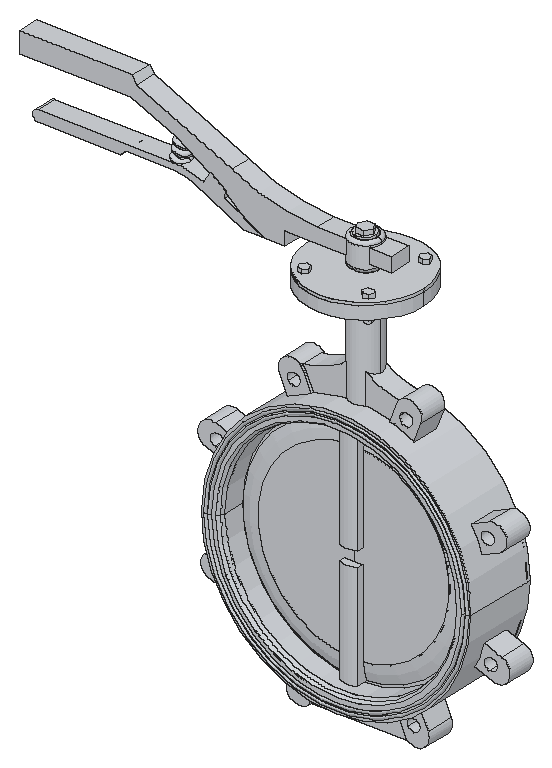
Revit family "R59FLX012", category Plumbing Fixtures, Revit 2015
Reference planes
  plane 1 "Center (Front/Back)": y = 0
  plane 2: z = 0
  plane 3 "Center (Left/Right)": x = 0
  plane 4: z = 191
  plane 5: x = -260
  plane 6: z = 268
  plane 7: z = -120
  plane 8: z = -30
  plane 9: z = 221
  plane 10: y = -27.988
  plane 11: y = 28.012
Forms (mm)
  Extrusion 1, solid
    sketch origin (0, 0, 181) x (1, 0, 0) y (0, 1, 0)
      loop
        circle (0, 0) r 45
    from 0 to 10
  Extrusion 2, solid
    sketch origin (0, 45.948, -89.573) x (1, 0, 0) y (0, 0, 1)
      loop
        arc (-96.679, 319.319) -> (-132.67, 336.792) -> (-169.654, 352.049) r 659.286
        line (-169.654, 352.049) -> (-172.843, 357.573) -> (-260, 357.573) -> (-260, 341.853) -> (-174.471, 341.853)
        arc (-174.471, 341.853) -> (-122.152, 316.93) -> (-77.024, 280.573) r 248.649
        line (-77.024, 280.573) -> (-55.568, 280.573) -> (-55.568, 291.199) -> (26.878, 291.199) -> (26.878, 302.179) -> (-30.767, 302.179)
        arc (-30.767, 302.179) -> (-64.704, 306.978) -> (-96.679, 319.319) r 150.722
    from 37.966 to 54.11
  Extrusion 3, solid
    sketch origin (-37.783, 45.948, -159.087) x (1, 0, 0) y (0, 0, 1)
      loop
        line (-98.516, 377.301) -> (-208.006, 377.301)
        arc (-208.006, 377.301) -> (-212.274, 373.033) -> (-208.006, 368.766) r 4.268
        line (-208.006, 368.766) -> (-144.475, 368.766) -> (-140.939, 372.301) -> (-103.305, 372.301)
        arc (-103.305, 372.301) -> (-95.507, 371.471) -> (-88.058, 369.019) r 37.057
        arc (-88.058, 369.019) -> (-68.407, 360.05) -> (-49.241, 350.087) r 421.945
        line (-49.241, 350.087) -> (-34.866, 350.087)
        arc (-34.866, 350.087) -> (-48.985, 359.43) -> (-64, 367.252) r 162.429
        line (-64, 367.252) -> (-63.437, 371.843) -> (-74.98, 380.231) -> (-80.609, 372.485)
        arc (-80.609, 372.485) -> (-89.36, 375.646) -> (-98.516, 377.301) r 55.494
    from 37.966 to 54.11
  Extrusion 4, solid
    sketch origin (0, 0, -76.95) x (1, 0, 0) y (0, 1, 0)
      loop
        circle (0, 0) r 12
    from 173.526 to 257.95
  Revolve 5, solid
    sketch origin (0, 0, 0) x (0, 1, 0) y (0, 0, 1)
      loop
        line (11.11, 0) -> (-11.11, 0) -> (-11.11, -73.825)
        arc (-11.11, -73.825) -> (-10.271, -80.984) -> (-8, -87.825) r 35.428
        line (-8, -87.825) -> (-6, -87.825) -> (-6, -90.825) -> (6, -90.825) -> (6, -87.825) -> (8, -87.825)
        arc (8, -87.825) -> (10.271, -80.984) -> (11.11, -73.825) r 35.428
        line (11.11, -73.825) -> (11.11, 0)
      axis (11.11, 0) -> (-11.11, 0)
    angle from 0 to 360
  Blend 6, solid
    base sketch origin (0, 0, -4.163) x (1, 0, 0) y (0, 1, 0)
      loop
        line (-6.883, 16.4) -> (-6.883, -16.4)
        arc (-6.883, -16.4) -> (0, -18.078) -> (6.883, -16.4) r 14.953
        line (6.883, -16.4) -> (6.883, 16.4)
        arc (6.883, 16.4) -> (0, 18.078) -> (-6.883, 16.4) r 14.953
    top sketch origin (0, 0, 0) x (1, 0, 0) y (0, 1, 0)
      loop
        line (-6.883, 16.4) -> (-6.883, -16.4)
        arc (-6.883, -16.4) -> (0, -18.078) -> (6.883, -16.4) r 14.953
        line (6.883, -16.4) -> (6.883, 16.4)
        arc (6.883, 16.4) -> (0, 18.078) -> (-6.883, 16.4) r 14.953
    from 10.163 to 87.771
  Blend 7, solid
    base sketch origin (0, 0, -38.601) x (0, -1, 0) y (1, 0, 0)
      loop
        line (-16.4, -6.883) -> (16.4, -6.883)
        arc (16.4, -6.883) -> (18.078, 0) -> (16.4, 6.883) r 14.953
        line (16.4, 6.883) -> (-16.4, 6.883)
        arc (-16.4, 6.883) -> (-18.078, 0) -> (-16.4, -6.883) r 14.953
    top sketch origin (0, 0, -35.117) x (0, -1, 0) y (1, 0, 0)
      loop
        line (-16.4, -6.883) -> (16.4, -6.883)
        arc (16.4, -6.883) -> (18.078, 0) -> (16.4, 6.883) r 14.953
        line (16.4, 6.883) -> (-16.4, 6.883)
        arc (-16.4, 6.883) -> (-18.078, 0) -> (-16.4, -6.883) r 14.953
    from -49.201 to 29.117
  Extrusion 8, solid
    sketch origin (-17.499, 0, 36.545) x (0.99863, 0, -0.052336) y (0.052336, 0, 0.99863)
      loop
        line (-18.251, 60.114) -> (-25.459, 74.264)
        arc (-25.459, 74.264) -> (-38.908, 78.635) -> (-43.28, 65.186) r 10
        line (-43.28, 65.186) -> (-36.072, 51.036) -> (-18.251, 60.114)
      loop
        circle (-32.1, 65.269) r 5
    from -10.546 to 10.991
  Extrusion 9, solid
    sketch origin (13.467, 0, 38.215) x (0.669131, 0, -0.743145) y (0.743145, 0, 0.669131)
      loop
        line (-18.251, 60.114) -> (-25.459, 74.264)
        arc (-25.459, 74.264) -> (-38.908, 78.635) -> (-43.28, 65.186) r 10
        line (-43.28, 65.186) -> (-36.072, 51.036) -> (-18.251, 60.114)
      loop
        circle (-32.1, 65.269) r 5
    from -10.546 to 10.991
  Extrusion 10, solid
    sketch origin (36.545, 0, 17.499) x (-0.052336, 0, -0.99863) y (0.99863, 0, -0.052336)
      loop
        line (-18.251, 60.114) -> (-25.459, 74.264)
        arc (-25.459, 74.264) -> (-38.908, 78.635) -> (-43.28, 65.186) r 10
        line (-43.28, 65.186) -> (-36.072, 51.036) -> (-18.251, 60.114)
      loop
        circle (-32.1, 65.269) r 5
    from -10.546 to 10.991
  Extrusion 11, solid
    sketch origin (38.215, 0, -13.467) x (-0.743145, 0, -0.669131) y (0.669131, 0, -0.743145)
      loop
        line (-18.251, 60.114) -> (-25.459, 74.264)
        arc (-25.459, 74.264) -> (-38.908, 78.635) -> (-43.28, 65.186) r 10
        line (-43.28, 65.186) -> (-36.072, 51.036) -> (-18.251, 60.114)
      loop
        circle (-32.1, 65.269) r 5
    from -10.546 to 10.991
  Extrusion 12, solid
    sketch origin (17.499, 0, -36.545) x (-0.99863, 0, 0.052336) y (-0.052336, 0, -0.99863)
      loop
        line (-18.251, 60.114) -> (-25.459, 74.264)
        arc (-25.459, 74.264) -> (-38.908, 78.635) -> (-43.28, 65.186) r 10
        line (-43.28, 65.186) -> (-36.072, 51.036) -> (-18.251, 60.114)
      loop
        circle (-32.1, 65.269) r 5
    from -10.546 to 10.991
  Extrusion 13, solid
    sketch origin (-13.467, 0, -38.215) x (-0.669131, 0, 0.743145) y (-0.743145, 0, -0.669131)
      loop
        line (-18.251, 60.114) -> (-25.459, 74.264)
        arc (-25.459, 74.264) -> (-38.908, 78.635) -> (-43.28, 65.186) r 10
        line (-43.28, 65.186) -> (-36.072, 51.036) -> (-18.251, 60.114)
      loop
        circle (-32.1, 65.269) r 5
    from -10.546 to 10.991
  Extrusion 14, solid
    sketch origin (-36.545, 0, -17.499) x (0.052336, 0, 0.99863) y (-0.99863, 0, 0.052336)
      loop
        line (-18.251, 60.114) -> (-25.459, 74.264)
        arc (-25.459, 74.264) -> (-38.908, 78.635) -> (-43.28, 65.186) r 10
        line (-43.28, 65.186) -> (-36.072, 51.036) -> (-18.251, 60.114)
      loop
        circle (-32.1, 65.269) r 5
    from -10.546 to 10.991
  Extrusion 15, solid
    sketch origin (-38.215, 0, 13.467) x (0.743145, 0, 0.669131) y (-0.669131, 0, 0.743145)
      loop
        line (-18.251, 60.114) -> (-25.459, 74.264)
        arc (-25.459, 74.264) -> (-38.908, 78.635) -> (-43.28, 65.186) r 10
        line (-43.28, 65.186) -> (-36.072, 51.036) -> (-18.251, 60.114)
      loop
        circle (-32.1, 65.269) r 5
    from -10.546 to 10.991
  Extrusion 16, solid
    sketch origin (99.126, -27.447, 193) x (0, -1, 0) y (1, 0, 0)
      loop
        line (3.99, -123.113) -> (0.805, -120.344) -> (-3.184, -121.718) -> (-3.99, -125.86) -> (-0.805, -128.628) -> (3.184, -127.254) -> (3.99, -123.113)
    from 0 to 3
  Extrusion 17, solid
    sketch origin (99.126, -27.447, 173) x (0, -1, 0) y (1, 0, 0)
      loop
        circle (0, -124.486) r 3
    from 2.505 to 20
  Extrusion 18, solid
    sketch origin (99.126, -27.447, 180) x (0, -1, 0) y (1, 0, 0)
      loop
        line (3.99, -123.113) -> (0.805, -120.344) -> (-3.184, -121.718) -> (-3.99, -125.86) -> (-0.805, -128.628) -> (3.184, -127.254) -> (3.99, -123.113)
      loop
        line (-3.444, -125.672) -> (-0.695, -128.061) -> (2.749, -126.876) -> (3.444, -123.301) -> (0.695, -120.911) -> (-2.749, -122.097) -> (-3.444, -125.672)
    from -1.968 to 1
  Extrusion 19, solid, not visible
    sketch origin (26.117, -96.518, 104.233) x (0, -1, 0) y (1, 0, 0)
      loop
        line (3.99, -123.113) -> (0.805, -120.344) -> (-3.184, -121.718) -> (-3.99, -125.86) -> (-0.805, -128.628) -> (3.184, -127.254) -> (3.99, -123.113)
    from 0 to 3
  Extrusion 20, solid, not visible
    sketch origin (26.117, -96.518, 84.233) x (0, -1, 0) y (1, 0, 0)
      loop
        circle (0, -124.486) r 3
    from 2.505 to 20
  Extrusion 21, solid, not visible
    sketch origin (26.117, -96.518, 91.233) x (0, -1, 0) y (1, 0, 0)
      loop
        line (3.99, -123.113) -> (0.805, -120.344) -> (-3.184, -121.718) -> (-3.99, -125.86) -> (-0.805, -128.628) -> (3.184, -127.254) -> (3.99, -123.113)
      loop
        line (-3.444, -125.672) -> (-0.695, -128.061) -> (2.749, -126.876) -> (3.444, -123.301) -> (0.695, -120.911) -> (-2.749, -122.097) -> (-3.444, -125.672)
    from -1.968 to 1
  Extrusion 22, solid
    sketch origin (0, 0, 191) x (1, 0, 0) y (0, 1, 0)
      loop
        circle (0, 0) r 45
    from 0 to 2
  Extrusion 23, solid
    sketch origin (99.126, -27.447, 193) x (0, -1, 0) y (1, 0, 0)
      loop
        line (-58.884, -123.113) -> (-58.079, -127.254) -> (-54.09, -128.628) -> (-50.905, -125.86) -> (-51.71, -121.718) -> (-55.7, -120.344) -> (-58.884, -123.113)
    from 0 to 3
  Extrusion 24, solid
    sketch origin (99.126, -27.447, 173) x (0, -1, 0) y (1, 0, 0)
      loop
        circle (-54.895, -124.486) r 3
    from 2.505 to 20
  Extrusion 25, solid
    sketch origin (99.126, -27.447, 180) x (0, -1, 0) y (1, 0, 0)
      loop
        line (-58.884, -123.113) -> (-58.079, -127.254) -> (-54.09, -128.628) -> (-50.905, -125.86) -> (-51.71, -121.718) -> (-55.7, -120.344) -> (-58.884, -123.113)
      loop
        line (-51.451, -125.672) -> (-52.146, -122.097) -> (-55.59, -120.911) -> (-58.339, -123.301) -> (-57.644, -126.876) -> (-54.2, -128.061) -> (-51.451, -125.672)
    from -1.968 to 1
  Extrusion 26, solid
    sketch origin (-100.376, 27.447, 193) x (0, 1, 0) y (-1, 0, 0)
      loop
        line (-58.884, -123.113) -> (-58.079, -127.254) -> (-54.09, -128.628) -> (-50.905, -125.86) -> (-51.71, -121.718) -> (-55.7, -120.344) -> (-58.884, -123.113)
    from 0 to 3
  Extrusion 27, solid
    sketch origin (-100.376, 27.447, 173) x (0, 1, 0) y (-1, 0, 0)
      loop
        circle (-54.895, -124.486) r 3
    from 2.505 to 20
  Extrusion 28, solid
    sketch origin (-100.376, 27.447, 180) x (0, 1, 0) y (-1, 0, 0)
      loop
        line (-58.884, -123.113) -> (-58.079, -127.254) -> (-54.09, -128.628) -> (-50.905, -125.86) -> (-51.71, -121.718) -> (-55.7, -120.344) -> (-58.884, -123.113)
      loop
        line (-51.451, -125.672) -> (-52.146, -122.097) -> (-55.59, -120.911) -> (-58.339, -123.301) -> (-57.644, -126.876) -> (-54.2, -128.061) -> (-51.451, -125.672)
    from -1.968 to 1
  Extrusion 29, solid
    sketch origin (-100.376, 27.447, 193) x (0, 1, 0) y (-1, 0, 0)
      loop
        line (3.99, -123.113) -> (0.805, -120.344) -> (-3.184, -121.718) -> (-3.99, -125.86) -> (-0.805, -128.628) -> (3.184, -127.254) -> (3.99, -123.113)
    from 0 to 3
  Extrusion 30, solid
    sketch origin (-100.376, 27.447, 173) x (0, 1, 0) y (-1, 0, 0)
      loop
        circle (0, -124.486) r 3
    from 2.505 to 20
  Extrusion 31, solid
    sketch origin (-100.376, 27.447, 180) x (0, 1, 0) y (-1, 0, 0)
      loop
        line (3.99, -123.113) -> (0.805, -120.344) -> (-3.184, -121.718) -> (-3.99, -125.86) -> (-0.805, -128.628) -> (3.184, -127.254) -> (3.99, -123.113)
      loop
        line (-3.444, -125.672) -> (-0.695, -128.061) -> (2.749, -126.876) -> (3.444, -123.301) -> (0.695, -120.911) -> (-2.749, -122.097) -> (-3.444, -125.672)
    from -1.968 to 1
  Extrusion 32, solid
    sketch origin (125.063, -27.447, 218.144) x (0, -1, 0) y (1, 0, 0)
      loop
        line (-32.638, -122.069) -> (-32.638, -128.062) -> (-27.447, -131.059) -> (-22.257, -128.062) -> (-22.257, -122.069) -> (-27.447, -119.072) -> (-32.638, -122.069)
    from -1.014 to 2.856
  Extrusion 33, solid
    sketch origin (124.477, -54.895, 213.2) x (0, -1, 0) y (1, 0, 0)
      loop
        circle (-54.895, -124.486) r 8
    from -22.2 to 3.931
  Sweep 34, solid
    path origin (0, 0, 0) x (1, 0, 0) y (0, 0, 1)
      loop
        circle (0, 0) r 104
    profile origin (0, 0, -104) x (0, 0, 1) y (0, -1, 0)
      loop
        line (13.454, -22.173) -> (13.454, 22.173) -> (12.517, 25.67) -> (10.888, 28.012) -> (7.249, 28.012)
        arc (7.249, 28.012) -> (6.235, 29.026) -> (5.222, 28.012) r 1.014
        line (5.222, 28.012) -> (3.949, 28.012)
        arc (3.949, 28.012) -> (2.935, 29.026) -> (1.921, 28.012) r 1.014
        line (1.921, 28.012) -> (0, 28.012) -> (0, -28.012) -> (1.921, -28.012)
        arc (1.921, -28.012) -> (2.935, -29.026) -> (3.949, -28.012) r 1.014
        line (3.949, -28.012) -> (5.222, -28.012)
        arc (5.222, -28.012) -> (6.235, -29.026) -> (7.249, -28.012) r 1.014
        line (7.249, -28.012) -> (10.888, -28.012) -> (12.517, -25.67) -> (13.454, -22.173)
  Extrusion 35, solid
    sketch origin (-1.25, 0, 39.34) x (1, 0, 0) y (0, 0, 1)
      loop
        arc (38.192, 75.9) -> (18.479, 81.757) -> (1.583, 93.481) r 64.989
        line (1.583, 93.481) -> (1.583, 61.435) -> (-1.691, 61.435) -> (-1.691, 93.481)
        arc (-1.691, 93.481) -> (-20.294, 80.968) -> (-42.041, 75.521) r 64.989
        line (-42.041, 75.521) -> (-34.671, 58.962) -> (31.688, 58.962) -> (38.192, 75.9)
    from -7.881 to 9.454
  Extrusion 36, solid
    sketch origin (-2.813, 0.293, -21.807) x (1, 0, 0) y (0, 0, 1)
      loop
        line (45.301, -91.785) -> (38.214, -75.868) -> (-26.016, -75.868) -> (-31.983, -91.406)
        arc (-31.983, -91.406) -> (-32.931, -93.267) -> (-34.246, -94.891) r 10
        line (-34.246, -94.891) -> (47.655, -94.891)
        arc (47.655, -94.891) -> (46.299, -93.474) -> (45.301, -91.785) r 8.561
    from -9.388 to 9.974
  Revolve 37, solid
    sketch origin (0, 0, 51) x (1, 0, 0) y (0, 0, 1)
      loop
        line (-9.486, 143.746) -> (0, 143.746) -> (0, 165) -> (-9.486, 165)
        arc (-9.486, 165) -> (-11.259, 164.265) -> (-11.994, 162.492) r 2.508
        line (-11.994, 162.492) -> (-11.994, 146.254)
        arc (-11.994, 146.254) -> (-11.259, 144.481) -> (-9.486, 143.746) r 2.508
      axis (0, 143.746) -> (0, 165)
    angle from 0 to 360
  Sweep 38, solid
    path origin (-48.156, 0, 217.496) x (0.978732, 0, -0.205142) y (0, 1, 0)
      loop
        circle (-92.344, 0) r 5
    profile origin (-138.536, 5, 236.439) x (0, -1, 0) y (0.205142, 0, 0.978732)
      loop
        circle (0, 0) r 2
  Sweep 39, solid
    path origin (-49.24, 0, 211.236) x (0.978732, 0, -0.205142) y (0, 1, 0)
      loop
        circle (-92.344, 0) r 5
    profile origin (-139.62, 5, 230.18) x (0, -1, 0) y (0.205142, 0, 0.978732)
      loop
        circle (0, 0) r 2
  Sweep 40, solid
    path origin (-50.258, 0, 205.62) x (0.978732, 0, -0.205142) y (0, 1, 0)
      loop
        circle (-92.344, 0) r 5
    profile origin (-140.638, 5, 224.564) x (0, -1, 0) y (0.205142, 0, 0.978732)
      loop
        circle (0, 0) r 2
  Sweep 41, solid
    path origin (-51.686, 0, 198.994) x (0.978732, 0, -0.205142) y (0, 1, 0)
      loop
        circle (-92.344, 0) r 5
    profile origin (-142.066, 5, 217.938) x (0, -1, 0) y (0.205142, 0, 0.978732)
      loop
        circle (0, 0) r 2
Dimensions and locks
  plane 2 to plane 4 = 191 mm
  plane 3 "Center (Left/Right)" to plane 5 = 260 mm
  level to plane 6 = 268 mm
  plane 7 to level = 120 mm
  locked: plane 4 to plane 9 at 30
  plane 11 to plane 10 = 56 mm
  aligned and locked: level to plane 2
